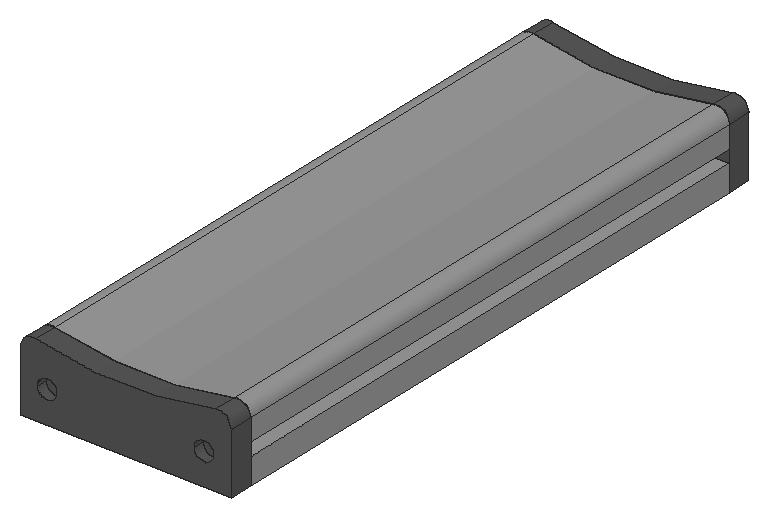
Revit family "JC KONTAKTER JCK108 DE", category Specialty Equipment, host Face, Revit 2025
Family settings
  Host = Face
  Round Connector Dimension = Use Diameter
  Part Type = Normal
  Enable Cutting in Views = Yes
  Cut with Voids When Loaded = No
  Maintain Annotation Orientation = Yes
  Shared = No
  Room Calculation Point = No
Parameters (values of type "JCK108")
  URL = "https://grossflaechentaster.de/produkt/grossflachentaster-metall/grossflachentaster-jck108/"
  Technisches Produktblatt = "https://grossflaechentaster.de/wp-content/uploads/sites/3/Technisches-Produktdatenblatt-_JCK108.245_DE-1.pdf"
  Produktgewicht = "0.408 kg."
  Nomineller nennstrom = "12 V - Resistive 6A Inductive L/R 5ms 6A, 24 V - Resistive 6A Inductive L/R 5ms 5A"
  Model = "JCK108"
  Mikroschalter = "Standard NO IP67"
  Manufacturer = "JC kontakter"
  Kern = Aluminum 6060-T6
  Herstellungsland = "Schweden"
  Geringster nennstrom = "1mA/4 V DC"
  Endkappen = POM kunststoff (schwarz)
  Description = "Vandalensicherer Großflächentaster mit konkaver Tastfläche. Er ist aus silbereloxiertem Aluminium gefertigt und hat schwarze Endkappen. Mit doppelten, feuchtigkeitsgeschützten Mikroschaltern der IP-Klasse 67 ausgestattet. Geeignet für den Einsatz in anspruchsvollen Umgebungen, sowohl im Innenbereich als auch im Freien."
  Default Elevation = 800 mm
  Deckel = Aluminum 6060-T6
  CE-kennzeichnung = "https://jckontakter.se/wp-content/uploads/CE_Dokument.pdf"
  Anzahl der mikroschalter = 2
Reference planes
  plane 1 "Center (Front/Back)": y = 0
  plane 2: z = 0
  plane 3 "Center (Left/Right)": x = 0
  plane 4 "A": y = -122.5
Lines and regions (mm)
  symbolic lines
    curve 1: line (-50, 0, 50) -> (50, 0, 50)
    curve 2: line (-50, 0, 0) -> (-50, 0, 50)
    curve 3: line (50, 0, 0) -> (-50, 0, 0)
    curve 4: line (50, 0, 50) -> (50, 0, 0)
    curve 5: line (-40, 122.5, 0) -> (40, 122.5, 0)
    curve 6: line (-40, -122.5, 0) -> (-40, 122.5, 0)
    curve 7: line (40, -122.5, 0) -> (-40, -122.5, 0)
    curve 8: line (40, 122.5, 0) -> (40, -122.5, 0)
Text (mm)
  text "Entfernen Sie diesen Text vor der Verwendung.\n\nPlatzierungsanweisungen:\n\n1. In das Projekt laden.\n2. Bewegen Sie den Mauszeiger über die Fläche, auf der die Familie platziert werden soll.\n3. Wenn die Familie gedreht angezeigt wird, aktivieren Sie die Option „Nach Platzierung drehen.\n4. Klicken Sie auf die gewünschte Fläche.\n5. Geben Sie den gewünschten Winkel ein.\n6. Drücken Sie die Eingabetaste." at (123.173, 1072.34, 0), in view "Ref. Level"
Dimensions and locks
  aligned and locked: plane 2 to host face
  aligned and locked: level to host face
Nested families
  nested 1: "AK_108" at (0, -122.5, 0) x (1, 0, 0) z (0, 1, 0), type "AK_108"
Definition of nested family "AK_108"
  Parameters (values of type "AK_108")
    URL = "https://jckontakter.se/produkt/armbagskontakter-metall/armbagskontakt-i-aluminium-jck108/"
    Model = "JCK108"  # constant formula
    Manufacturer = "JC Kontakter"  # constant formula
    Lid Finish = none
    Length = 245 mm
    End Cap Finish = none
    Description = "JCK108 är en robust armbågskontakt i aluminium. Modellen har en konkav tryckplatta med kontrasterande svarta endcaps och är speciellt lämplig att installeras i krävande miljöer.\r\nJCK108 levereras med 2st mikrobrytare i IP67."  # constant formula
    Default Elevation = 1219.2 mm
    Core Finish = none
    A = Length - 9 mm  # 236 mm
  Reference planes
    plane 1 "Center (Front/Back)": y = 0
    plane 2: z = 0
    plane 3 "Center (Left/Right)": x = 0
    plane 4 "1": x = 40
    plane 5 "A": z = 9
    plane 6 "B": z = 236
    plane 7: y = -17.83
  Forms (mm)
    Extrusion 1, solid, material <- "Core Finish"
      sketch origin (40, 0, 9) x (1, 0, 0) y (0, 1, 0)
        loop
          line (-80, 0) -> (-80, -10) -> (-73.2, -10) -> (-73.2, -15) -> (-6, -15) -> (-6, -10) -> (0, -10) -> (0, 0) -> (-80, 0)
      from 0 to 227
    Extrusion 2, solid, material <- "Lid Finish"
      sketch origin (-40, 0, 9) x (-1, 0, 0) y (0, -1, 0)
        loop
          line (-6.8, 17.58) -> (-6.8, 15) -> (0, 15) -> (0, 23)
          arc (0, 23) -> (-1.864, 26.894) -> (-6.066, 27.885) r 5
          arc (-6.066, 27.885) -> (-40, 24) -> (-73.934, 27.885) r 150.141
          arc (-73.934, 27.885) -> (-78.136, 26.894) -> (-80, 23) r 5
          line (-80, 23) -> (-80, 15) -> (-74, 15) -> (-74, 17.58) -> (-6.8, 17.58)
      from 0 to 227
    Extrusion 3, solid, material <- "End Cap Finish"
      sketch origin (-40, 0, 0) x (1, 0, 0) y (0, 1, 0)
        loop
          arc (0, -23) -> (1.864, -26.894) -> (6.066, -27.885) r 5
          arc (6.066, -27.885) -> (40, -24) -> (73.934, -27.885) r 150.141
          arc (73.934, -27.885) -> (78.136, -26.894) -> (80, -23) r 5
          line (80, -23) -> (80, 0) -> (0, 0) -> (0, -23)
      from 0 to 9
    Extrusion 4, void
      sketch origin (0, 0, 0) x (1, 0, 0) y (0, 1, 0)
        loop
          circle (-29.75, -12.25) r 3.75
        loop
          circle (29.75, -12.25) r 3.75
      from 0 to 4
    Extrusion 5, solid, material <- "End Cap Finish"
      sketch origin (0, 0, 236) x (-1, 0, 0) y (0, -1, 0)
        loop
          arc (40, 23) -> (38.136, 26.894) -> (33.934, 27.885) r 5
          arc (33.934, 27.885) -> (0, 24) -> (-33.934, 27.885) r 150.141
          arc (-33.934, 27.885) -> (-38.136, 26.894) -> (-40, 23) r 5
          line (-40, 23) -> (-40, 0) -> (40, 0) -> (40, 23)
      from 0 to 9
  Cuts and joins
    Extrusion 4 cuts Extrusion 3
  Dimensions and locks
    "A": plane 6 "B" to level
    aligned and locked: level to plane 2
    aligned and locked: plane 6 "B" to Extrusion 1
    aligned and locked: plane 6 "B" to Extrusion 2
  Automatic sketch dimensions
    plane 1 "Center (Front/Back)" to Extrusion 1 sketch curve = 0 mm
    Extrusion 1 sketch curve to plane 4 "1" = 0 mm
    Extrusion 1 sketch curve to Extrusion 1 sketch curve = 6 mm
    plane 1 "Center (Front/Back)" to Extrusion 1 sketch curve = 10 mm
    Extrusion 1 sketch curve to plane 3 "Center (Left/Right)" = 33.2 mm
    Extrusion 1 sketch curve to Extrusion 1 sketch curve = 6.8 mm
    plane 1 "Center (Front/Back)" to Extrusion 1 sketch curve = 15 mm
    Extrusion 1 sketch curve to Extrusion 1 sketch curve = 5 mm
    Extrusion 2 sketch curve to plane 4 "1" = 0 mm
    Extrusion 2 sketch curve to plane 3 "Center (Left/Right)" = 0 mm
    Extrusion 2 sketch curve to Extrusion 2 sketch curve = 5 mm
    Extrusion 2 sketch curve to plane 7 = 2.83 mm  (x2)
    Extrusion 2 sketch curve to Extrusion 2 sketch curve = 6 mm
    Extrusion 2 sketch curve to plane 3 "Center (Left/Right)" = 33.2 mm
    Extrusion 2 sketch curve to Extrusion 2 sketch curve = 1.8 mm
    Extrusion 2 sketch curve to Extrusion 2 sketch curve = 6.8 mm
    Extrusion 2 sketch curve to plane 7 = 0.25 mm
    plane 7 to Extrusion 2 sketch curve = 5.17 mm
    Extrusion 2 sketch curve to Extrusion 2 sketch curve = 8 mm
    Extrusion 2 sketch curve to Extrusion 2 sketch curve = 151.141 mm
    Extrusion 2 sketch curve to Extrusion 2 sketch curve = 1.066 mm
    plane 1 "Center (Front/Back)" to Extrusion 3 sketch curve = 0 mm
    Extrusion 3 sketch curve to plane 3 "Center (Left/Right)" = 0 mm
    Extrusion 3 sketch curve to plane 4 "1" = 0 mm
    plane 1 "Center (Front/Back)" to Extrusion 3 sketch curve = 23 mm
    Extrusion 3 sketch curve to plane 3 "Center (Left/Right)" = 35 mm
    Extrusion 3 sketch curve to Extrusion 3 sketch curve = 5 mm  (x2)
    Extrusion 3 sketch curve to Extrusion 3 sketch curve = 151.141 mm
    Extrusion 3 sketch curve to Extrusion 3 sketch curve = 23 mm
    Extrusion 3 sketch curve to Extrusion 3 sketch curve = 1.066 mm
    plane 1 "Center (Front/Back)" to Extrusion 4 sketch curve = 12.25 mm  (x2)
    Extrusion 4 sketch curve to plane 3 "Center (Left/Right)" = 29.75 mm
    Extrusion 4 sketch curve to plane 4 "1" = 10.25 mm
    plane 1 "Center (Front/Back)" to Extrusion 5 sketch curve = 0 mm
    Extrusion 5 sketch curve to plane 4 "1" = 0 mm
    Extrusion 5 sketch curve to plane 3 "Center (Left/Right)" = 0 mm
    Extrusion 5 sketch curve to plane 4 "1" = 5 mm
    plane 1 "Center (Front/Back)" to Extrusion 5 sketch curve = 23 mm
    Extrusion 5 sketch curve to plane 3 "Center (Left/Right)" = 35 mm
    Extrusion 5 sketch curve to Extrusion 5 sketch curve = 5 mm
    Extrusion 5 sketch curve to Extrusion 5 sketch curve = 23 mm
    Extrusion 5 sketch curve to Extrusion 5 sketch curve = 151.141 mm
    Extrusion 5 sketch curve to Extrusion 5 sketch curve = 1.066 mm
    radius of Extrusion 4 sketch curve = 3.75 mm  (x2)
